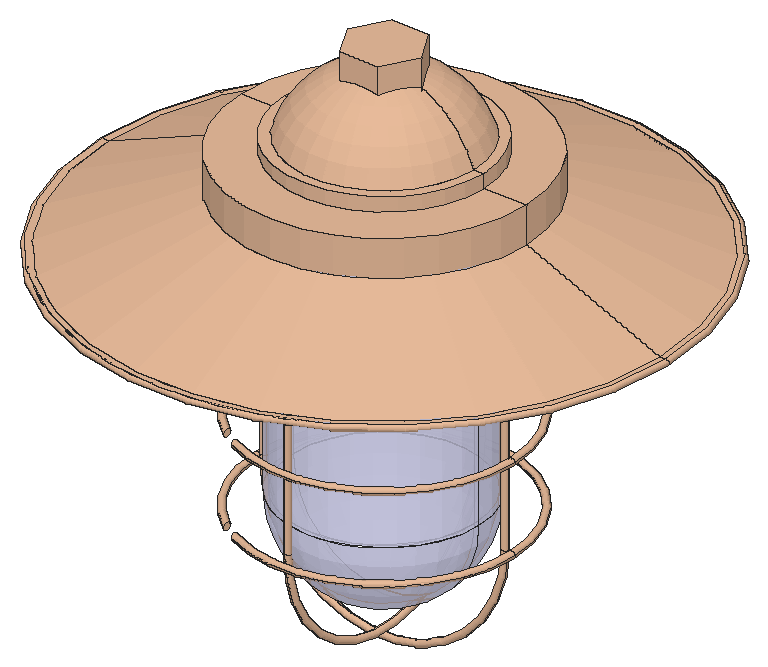
Revit family "SL12", category Lighting Fixtures, Revit 2024
Family settings
  Round Connector Dimension = Use Diameter
  Part Type = Normal
  OmniClass Number = 23.80.70.00
  OmniClass Title = Lighting
  Work Plane-Based = No
  Always vertical = Yes
  Cut with Voids When Loaded = No
  Light Source = No
  Maintain Annotation Orientation = No
  Shared = No
  Room Calculation Point = No
Parameters
  Default Elevation = 0' - 0"
Reference planes (in)
  plane 1 "Light Source Axis (F/B)": y = 0
  plane 2: z = 0
  plane 3 "Light Source Axis (L/R)": x = 0
  plane 4 "Light Source Elevation": z = 54
Forms (in)
  Extrusion 1, solid, material "40"
    sketch origin (6.84003, -9.35, 55.6225) x (0, 1, 0) y (-1, 0, 0)
      loop
        line (9.36163, 6.05272) -> (10.04346, 6.44638) -> (10.04346, 7.23369) -> (9.36163, 7.62734) -> (8.6798, 7.23369) -> (8.6798, 6.44638) -> (9.36163, 6.05272)
    from 8.87938 to 9.6275
  Revolve 2, solid, material "40"
    sketch origin (-63.02394, 0, 12.52912) x (1, 0, 0) y (0, 0, 1)
      loop
        arc (62.68529, 52.31542) -> (61.73365, 51.86953) -> (61.14178, 51.00113) r 1.99024
        line (61.14178, 51.00113) -> (60.93265, 51.00113) -> (60.93265, 50.59588) -> (60.40852, 50.59588) -> (60.40852, 50.47088) -> (60.54352, 50.47088) -> (60.54352, 50.03338) -> (60.63727, 50.03338) -> (60.63727, 50.50213) -> (61.0264, 50.50213) -> (61.0264, 50.90738) -> (61.20992, 50.90738)
        arc (61.20992, 50.90738) -> (61.7693, 51.77637) -> (62.70124, 52.22304) r 1.89649
        line (62.70124, 52.22304) -> (62.68529, 52.31542)
      loop
        circle (60.34104, 49.28051) r 0.0675
      loop
        circle (60.34105, 47.52051) r 0.0675
      loop
        circle (60.34105, 45.76051) r 0.0675
      loop
        circle (60.34106, 44.00051) r 0.0675
      axis (63.02394, 52.31542) -> (63.02394, 44.00051)
    angle from 0 to 360
  Extrusion 3, void
    sketch origin (-63.02394, 0, 12.52912) x (1, 0, 0) y (0, 0, 1)
      loop
        line (61.44529, 49.53791) -> (61.4453, 43.79009) -> (61.75773, 43.78784) -> (61.75772, 49.53566) -> (61.44529, 49.53791)
    from 0 to 12
  Sweep 4, solid, material "40"
    path origin (-63.02394, 0, 12.52912) x (1, 0, 0) y (0, 0, 1)
      loop
        line (65.63936, 50.40838) -> (65.63936, 44.0769)
        arc (65.63936, 44.0769) -> (63.01926, 41.47088) -> (60.40852, 44.0863) r 2.61542
        line (60.40852, 44.0863) -> (60.40852, 50.40838)
    profile origin (-2.61542, 0, 59.77646) x (-1, 0, 0) y (0, -1, 0)
      loop
        circle (-0.0675, 0) r 0.0675
  Sweep 5, solid, material "40"
    path origin (0, 63.02394, 12.6646) x (0, -1, 0) y (0, 0, 1)
      loop
        line (65.63936, 50.26174) -> (65.63936, 44.0769)
        arc (65.63936, 44.0769) -> (63.01926, 41.47088) -> (60.40852, 44.0863) r 2.61542
        line (60.40852, 44.0863) -> (60.40852, 50.25435)
    profile origin (0, 2.61542, 59.83493) x (0, 1, 0) y (-1, 0, 0)
      loop
        circle (-0.0675, 0) r 0.0675
  Revolve 6, solid, material "VAPOR GLASS"
    sketch origin (-63.02394, 0, 12.52912) x (1, 0, 0) y (0, 0, 1)
      loop
        line (65.02394, 50.39621) -> (64.93019, 50.39621) -> (64.93019, 44.30838)
        arc (64.93019, 44.30838) -> (64.37186, 42.96045) -> (63.02394, 42.40213) r 1.90625
        line (63.02394, 42.40213) -> (63.02394, 42.30838)
        arc (63.02394, 42.30838) -> (64.43816, 42.89416) -> (65.02394, 44.30838) r 2
        line (65.02394, 44.30838) -> (65.02394, 50.39621)
      axis (63.02394, 50.39621) -> (63.02394, 42.30838)
    angle from 0 to 360
  Revolve 7, solid, material "40"
    sketch origin (0, 0, 0) x (1, 0, 0) y (0, 0, 1)
      loop
        line (0, 63.25) -> (0, 63.15625) -> (2.90663, 63.15625) -> (2.90663, 62.43655) -> (5.79171, 61.28125) -> (5.88336, 61.28125)
        arc (5.88336, 61.28125) -> (5.99161, 61.28125) -> (5.93748, 61.375) r 0.0625
        line (5.93748, 61.375) -> (5.80978, 61.375) -> (3.00038, 62.5) -> (3.00038, 63.25) -> (0, 63.25)
      axis (0, 63.25) -> (0, 61.28125)
    angle from 0 to 360
Cuts and joins
  Extrusion 3 cuts Revolve 2
Dimensions and locks (in)
  aligned and locked: level to plane 2
